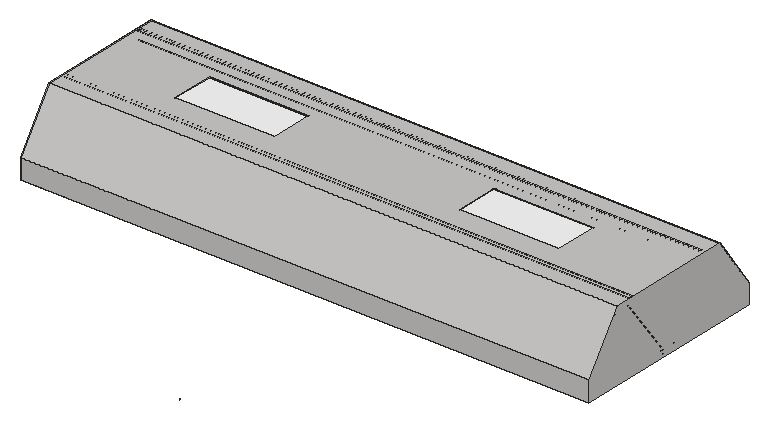
Revit family "QF_ELECTROLUXPROFESSIONAL_642352_BC1440DT", category Specialty Equipment, Revit 2014
Reference planes
  plane 1: z = 0
  plane 2 "Center (Left/Right)": x = 150
  plane 3 "LEFT": x = -1850
  plane 4 "RIGHT": x = 2150
  plane 5 "BACK": y = 550
  plane 6 "TOP": z = 2500
  plane 7 "Base": z = 2000
  plane 8: z = 1946
  plane 9: x = -1847
  plane 10 "DrainX": x = 1999
  plane 11 "AOLeft2": x = -500
  plane 12 "AORight1": x = 800
  plane 13: x = 2147
  plane 14: x = -1650
  plane 15: x = 1950
  plane 16: x = 50
  plane 17: x = 250
  plane 18 "AOLeft1": x = -1200
  plane 19 "AORight2": x = 1500
  plane 20: y = 0
  plane 21: y = -300
  plane 22 "Center (Front/Back)": y = -150
  plane 23: y = -850
  plane 24: through (0, -201.379, 2046.209) normal (0, 0.8019, 0.5974)
  plane 25: through (0, -98.621, 2046.209) normal (0, 0.8019, -0.5974)
  plane 26: z = 2140
Forms (mm)
  Extrusion 1, solid, material "QF_Finishes_Stainless Steel"
    sketch origin (-1850, 0, 360) x (0, 1, 0) y (0, 0, 1)
      loop
        line (550, 1640) -> (550, 1780) -> (299.446, 2140) -> (-599.446, 2140) -> (-850, 1780) -> (-850, 1640) -> (550, 1640)
    from 0 to 3
  Extrusion 2, solid, material "QF_Finishes_Stainless Steel"
    sketch origin (2150, 0, 360) x (0, 1, 0) y (0, 0, 1)
      loop
        line (550, 1640) -> (550, 1780) -> (299.446, 2140) -> (-599.446, 2140) -> (-850, 1780) -> (-850, 1640) -> (550, 1640)
    from 0 to -3
  Extrusion 3, solid, material "QF_Finishes_Stainless Steel"
    sketch origin (150, 0, 360) x (0, 1, 0) y (0, 0, 1)
      loop
        line (-599.446, 2140) -> (-850, 1780) -> (-850, 1640) -> (-840, 1640) -> (-840, 1640.8) -> (-849.2, 1640.8) -> (-849.2, 1779.739) -> (-599.025, 2139.19) -> (299.025, 2139.19) -> (549.2, 1779.739) -> (549.2, 1640.8) -> (540, 1640.8) -> (540, 1640) -> (550, 1640) -> (550, 1780) -> (299.446, 2140) -> (-599.446, 2140)
    from -2000 to 2000
  Extrusion 4, void
    sketch origin (0, 0, 2500) x (0, 1, 0) y (-1, 0, 0)
      loop
        line (0, 500) -> (0, 1200) -> (-300, 1200) -> (-300, 500) -> (0, 500)
    from 0 to -10
  Extrusion 5, solid, material "QF_Finishes_Stainless Steel"
    sketch origin (0, 0, 0) x (1, 0, 0) y (0, 1, 0)
      loop
        line (-1850, 550) -> (-1850, 549) -> (-1849, 549) -> (-1849, 550) -> (-1850, 550)
    from 0 to 1
  Extrusion 6, solid, material "QF_Finishes_Stainless Steel"
    sketch origin (150, -400, 360) x (0, 1, 0) y (0, 0, 1)
      loop
        line (-98.883, 2085.553) -> (198.621, 1686.209) -> (214.66, 1698.157) -> (-82.844, 2097.501) -> (-98.883, 2085.553)
      loop
        line (598.883, 2085.553) -> (582.844, 2097.501) -> (285.34, 1698.157) -> (301.379, 1686.209) -> (598.883, 2085.553)
    from -1800 to -1997
  Extrusion 7, solid, material "QF_Finishes_Stainless Steel"
    sketch origin (150, -400, 360) x (0, 1, 0) y (0, 0, 1)
      loop
        arc (316.056, 1704.554) -> (315.455, 1704.706) -> (314.923, 1704.389) r 0.81
        line (314.923, 1704.389) -> (300.465, 1684.991) -> (283.389, 1687.002) -> (286.391, 1712.615) -> (285.593, 1712.708) -> (282.594, 1687.095)
        arc (282.594, 1687.095) -> (282.763, 1686.499) -> (283.305, 1686.197) r 0.81
        line (283.305, 1686.197) -> (300.372, 1684.196)
        arc (300.372, 1684.196) -> (300.787, 1684.257) -> (301.116, 1684.517) r 0.81
        line (301.116, 1684.517) -> (315.564, 1703.911) -> (326.308, 1695.919) -> (300.145, 1660.79) -> (199.855, 1660.79) -> (173.692, 1695.919) -> (184.436, 1703.911) -> (198.884, 1684.517)
        arc (198.884, 1684.517) -> (199.213, 1684.257) -> (199.628, 1684.196) r 0.81
        line (199.628, 1684.196) -> (216.695, 1686.197)
        arc (216.695, 1686.197) -> (217.237, 1686.499) -> (217.406, 1687.095) r 0.81
        line (217.406, 1687.095) -> (214.407, 1712.708) -> (213.609, 1712.615) -> (216.611, 1687.002) -> (199.535, 1684.991) -> (185.077, 1704.389)
        arc (185.077, 1704.389) -> (184.545, 1704.706) -> (183.944, 1704.554) r 0.81
        line (183.944, 1704.554) -> (173.214, 1696.561)
        arc (173.214, 1696.561) -> (172.897, 1696.028) -> (173.049, 1695.427) r 0.81
        line (173.049, 1695.427) -> (199.157, 1660.381)
        arc (199.157, 1660.381) -> (199.5, 1660.093) -> (199.937, 1659.99) r 0.972
        line (199.937, 1659.99) -> (300.049, 1659.99)
        arc (300.049, 1659.99) -> (300.498, 1660.096) -> (300.851, 1660.393) r 1
        line (300.851, 1660.393) -> (326.951, 1695.427)
        arc (326.951, 1695.427) -> (327.103, 1696.028) -> (326.786, 1696.561) r 0.81
        line (326.786, 1696.561) -> (316.056, 1704.554)
      loop
        line (-92.735, 2139.19) -> (-92.735, 2129.205) -> (-117.587, 2110.686)
        arc (-117.587, 2110.686) -> (-117.904, 2110.153) -> (-117.752, 2109.552) r 0.81
        line (-117.752, 2109.552) -> (-84.894, 2065.446) -> (-95.625, 2057.438) -> (-95.147, 2056.796) -> (-84.418, 2064.79)
        arc (-84.418, 2064.79) -> (-84.1, 2065.322) -> (-84.252, 2065.923) r 0.81
        line (-84.252, 2065.923) -> (-117.117, 2110.038) -> (-91.935, 2128.798) -> (-91.935, 2138.4) -> (-62.776, 2138.4) -> (-62.776, 2070.563) -> (-61.976, 2069.49) -> (-61.976, 2139.19) -> (-92.735, 2139.19)
      loop
        line (592.735, 2139.19) -> (561.976, 2139.19) -> (561.976, 2069.49) -> (562.776, 2070.563) -> (562.776, 2138.4) -> (591.935, 2138.4) -> (591.935, 2128.798) -> (617.117, 2110.038) -> (584.252, 2065.923)
        arc (584.252, 2065.923) -> (584.1, 2065.322) -> (584.418, 2064.79) r 0.81
        line (584.418, 2064.79) -> (595.147, 2056.796) -> (595.625, 2057.438) -> (584.894, 2065.446) -> (617.752, 2109.552)
        arc (617.752, 2109.552) -> (617.904, 2110.153) -> (617.587, 2110.686) r 0.81
        line (617.587, 2110.686) -> (592.735, 2129.205) -> (592.735, 2139.19)
    from -1997 to 1997
  Extrusion 8, solid, material "QF_Finishes_Stainless Steel"
    sketch origin (150, -400, 360) x (0, 1, 0) y (0, 0, 1)
      loop
        line (-98.883, 2085.553) -> (198.621, 1686.209) -> (214.66, 1698.157) -> (-82.844, 2097.501) -> (-98.883, 2085.553)
      loop
        line (598.883, 2085.553) -> (582.844, 2097.501) -> (285.34, 1698.157) -> (301.379, 1686.209) -> (598.883, 2085.553)
    from 1997 to 1800
  Extrusion 9, solid, material "QF_Finishes_Stainless Steel"
    sketch origin (150, -400, 360) x (0, 1, 0) y (0, 0, 1)
      loop
        line (-98.883, 2085.553) -> (198.621, 1686.209) -> (214.66, 1698.157) -> (-82.844, 2097.501) -> (-98.883, 2085.553)
      loop
        line (598.883, 2085.553) -> (582.844, 2097.501) -> (285.34, 1698.157) -> (301.379, 1686.209) -> (598.883, 2085.553)
    from -100 to 100
  Extrusion 10, solid, material "QF_Finished_Chrome"
    sketch origin (150, -400, 360) x (0, 1, 0) y (0, 0, 1)
      loop
        line (-98.883, 2085.553) -> (198.621, 1686.209) -> (214.66, 1698.157) -> (-82.844, 2097.501) -> (-98.883, 2085.553)
      loop
        line (598.883, 2085.553) -> (582.844, 2097.501) -> (285.34, 1698.157) -> (301.379, 1686.209) -> (598.883, 2085.553)
    from -1800 to -100
  Extrusion 11, solid, material "QF_Finished_Chrome"
    sketch origin (150, -400, 360) x (0, 1, 0) y (0, 0, 1)
      loop
        line (-98.883, 2085.553) -> (198.621, 1686.209) -> (214.66, 1698.157) -> (-82.844, 2097.501) -> (-98.883, 2085.553)
      loop
        line (598.883, 2085.553) -> (582.844, 2097.501) -> (285.34, 1698.157) -> (301.379, 1686.209) -> (598.883, 2085.553)
    from 100 to 1800
  Sweep 12, solid, material "QF_Finishes_Stainless Steel"
    path origin (0, 0, 0) x (1, 0, 0) y (0, 1, 0)
      loop
        line (2150, 550) -> (-1850, 550) -> (-1850, -850) -> (2150, -850) -> (2150, 550)
    profile origin (2150, -150, 0) x (1, 0, 0) y (0, 0, 1)
      loop
        line (-3, 2000) -> (-3, 2000.8) -> (-19, 2000.8) -> (-19, 2010) -> (-20, 2010) -> (-20, 2000) -> (-3, 2000)
  Extrusion 13, void
    sketch origin (0, 0, 2500) x (0, 1, 0) y (-1, 0, 0)
      loop
        line (0, -1500) -> (0, -800) -> (-300, -800) -> (-300, -1500) -> (0, -1500)
    from 0 to -10
  Extrusion 14, solid, material "QF_Finishes_Stainless Steel"
    sketch origin (1999, 0, 0) x (0, 1, 0) y (0, 0, 1)
      loop
        arc (-118.5, 1946) -> (-111.429, 1948.929) -> (-108.5, 1956) r 10
        line (-108.5, 1956) -> (-108.5, 2000.8) -> (-191.5, 2000.8) -> (-191.5, 1956)
        arc (-191.5, 1956) -> (-188.571, 1948.929) -> (-181.5, 1946) r 10
        line (-181.5, 1946) -> (-118.5, 1946)
    from -90 to 90
  Extrusion 15, solid, material "QF_Finishes_Stainless Steel"
    sketch origin (0, -1100, 2000) x (0, 1, 0) y (-1, 0, 0)
      loop
        circle (950, -1999) r 6.35
    from -3.799 to 0
Cuts and joins
  Extrusion 4, Extrusion 13 cuts Extrusion 3
  joined: Extrusion 2, Extrusion 3, Sweep 12
Lines and regions (mm)
  symbolic lines, style "SpecialityEquipment", detail levels coarse
    curve 1: line (2150, 550, 2500) -> (-1850, 550, 2500)
    curve 2: line (-1850, 550, 2500) -> (-1850, -850, 2500)
    curve 3: line (2150, -850, 2500) -> (2150, 550, 2500)
    curve 4: line (-1850, 299.446, 0) -> (2150, -599.446, 0)
    curve 5: line (2150, 299.446, 0) -> (-1850.605, -599.446, 0)
  symbolic lines, detail levels coarse
    curve 6: line (-1200, -300, 0) -> (-500, -300, 0)
    curve 7: line (-1200, 0, 0) -> (-1200, -300, 0)
    curve 8: line (-500, 0, 0) -> (-1200, 0, 0)
    curve 9: line (-500, -300, 0) -> (-500, 0, 0)
    curve 10: line (800, 0, 0) -> (800, -300, 0)
    curve 11: line (1500, 0, 0) -> (800, 0, 0)
    curve 12: line (1500, -300, 0) -> (1500, 0, 0)
    curve 13: line (800, -300, 0) -> (1500, -300, 0)
    curve 14: line (-1850.605, -599.446, 0) -> (2150, -599.446, 0)
    curve 15: line (2150, 299.446, 0) -> (-1850, 299.446, 0)
    curve 16: line (-1850, -850, 0) -> (2150, -850, 0)
Dimensions and locks
  plane 3 "LEFT" to plane 4 "RIGHT" = 4000 mm
  equal spacing: plane 3 "LEFT", plane 2 "Center (Left/Right)", plane 4 "RIGHT"
  plane 3 "LEFT" to plane 9 = 3 mm
  plane 10 "DrainX" to plane 4 "RIGHT" = 151 mm
  plane 13 to plane 4 "RIGHT" = 3 mm
  plane 3 "LEFT" to plane 14 = 200 mm
  plane 15 to plane 4 "RIGHT" = 200 mm
  locked: plane 11 "AOLeft2" to plane 12 "AORight1" at 1300
  equal spacing: plane 11 "AOLeft2", plane 2 "Center (Left/Right)", plane 12 "AORight1"
  locked: plane 7 "Base" to level at 2000
  locked: plane 16 to plane 17 at 200
  equal spacing: plane 16, plane 2 "Center (Left/Right)", plane 17
  plane 18 "AOLeft1" to plane 11 "AOLeft2" = 700 mm
  plane 12 "AORight1" to plane 19 "AORight2" = 700 mm
  plane 7 "Base" to plane 8 = 54 mm
  locked: plane 6 "TOP" to plane 7 "Base" at 500
  plane 5 "BACK" to plane 23 = 1400 mm  (x2)
  equal spacing: plane 5 "BACK", plane 22 "Center (Front/Back)", plane 23
  plane 21 to plane 20 = 300 mm
  equal spacing: plane 21, plane 22 "Center (Front/Back)", plane 20
  plane 26 to plane 7 "Base" = 140 mm
  aligned and locked: level to plane 1
  aligned and locked: plane 4 "RIGHT" to Extrusion 3
  aligned and locked: Extrusion 3 to plane 3 "LEFT"
  aligned and locked: Extrusion 6 to plane 9
  aligned and locked: plane 14 to Extrusion 6
  aligned and locked: Extrusion 2 to plane 13
  aligned and locked: plane 13 to Extrusion 8
  aligned and locked: Extrusion 8 to plane 15
  aligned and locked: plane 17 to Extrusion 9
  aligned and locked: Extrusion 9 to plane 16
  aligned and locked: plane 16 to Extrusion 10
  aligned and locked: Extrusion 10 to plane 14
  aligned and locked: Extrusion 11 to plane 17
  aligned and locked: Extrusion 11 to plane 15
  aligned and locked: Extrusion 7 to plane 9
  aligned and locked: plane 13 to Extrusion 7
  aligned and locked: Extrusion 4 to plane 18 "AOLeft1"
  aligned and locked: Extrusion 4 to plane 11 "AOLeft2"
  aligned and locked: plane 12 "AORight1" to Extrusion 13
  aligned and locked: plane 19 "AORight2" to Extrusion 13
  aligned and locked: plane 21 to Extrusion 13
  aligned and locked: plane 21 to Extrusion 4
  aligned and locked: plane 20 to Extrusion 13
  aligned and locked: plane 20 to Extrusion 4
  aligned and locked: curve 6 to Extrusion 4
  aligned and locked: curve 7 to Extrusion 4
  aligned and locked: curve 8 to Extrusion 4
  aligned and locked: curve 9 to Extrusion 4
  aligned and locked: curve 10 to Extrusion 13
  aligned and locked: curve 11 to Extrusion 13
  aligned and locked: curve 12 to Extrusion 13
  aligned and locked: curve 13 to Extrusion 13
Automatic sketch dimensions
  Extrusion 4 sketch curve to plane 11 "AOLeft2" = 0 mm
  Extrusion 4 sketch curve to plane 18 "AOLeft1" = 0 mm
  Extrusion 5 sketch curve to plane 3 "LEFT" = 0 mm
  Extrusion 5 sketch curve to plane 5 "BACK" = 0 mm
  plane 3 "LEFT" to Extrusion 5 sketch curve = 1 mm
  Extrusion 5 sketch curve to Extrusion 5 sketch curve = 1 mm
  Sweep 12 sketch curve to plane 3 "LEFT" = 0 mm
  Sweep 12 sketch curve to plane 4 "RIGHT" = 0 mm
  Sweep 12 sketch curve to plane 5 "BACK" = 0 mm
  profile plane to Sweep 12 sketch curve = 20 mm
  Sweep 12 sketch curve to Sweep 12 sketch curve = 1 mm
  profile plane to Sweep 12 sketch curve = 3 mm
  level to Sweep 12 sketch curve = 2000 mm
  Sweep 12 sketch curve to Sweep 12 sketch curve = 0.8 mm
  Sweep 12 sketch curve to Sweep 12 sketch curve = 9.2 mm
  Extrusion 13 sketch curve to plane 11 "AOLeft2" = 2000 mm
  plane 18 "AOLeft1" to Extrusion 13 sketch curve = 2000 mm
  Extrusion 13 sketch curve to Extrusion 13 sketch curve = 300 mm
  Extrusion 13 sketch curve to plane 20 = 0 mm
  plane 21 to Sweep 12 sketch curve = 550 mm
  plane 21 to Extrusion 4 sketch curve = 0 mm
  Extrusion 4 sketch curve to plane 20 = 0 mm
  Extrusion 15 sketch curve to plane 10 "DrainX" = 0 mm
  Extrusion 15 sketch curve to plane 22 "Center (Front/Back)" = 0 mm
  Extrusion 14 sketch curve to plane 8 = 0 mm
  plane 8 to Extrusion 14 sketch curve = 10 mm
  Extrusion 14 sketch curve to plane 22 "Center (Front/Back)" = 41.5 mm
  plane 22 "Center (Front/Back)" to Extrusion 14 sketch curve = 31.5 mm
  plane 7 "Base" to Extrusion 14 sketch curve = 0.8 mm
  plane 22 "Center (Front/Back)" to Extrusion 14 sketch curve = 41.5 mm
  plane 21 to Extrusion 6 sketch curve = 198.883 mm
  Extrusion 6 sketch curve to plane 6 "TOP" = 42.499 mm  (x2)
  Extrusion 6 sketch curve to Extrusion 6 sketch curve = 16.039 mm  (x2)
  Extrusion 6 sketch curve to plane 22 "Center (Front/Back)" = 51.379 mm
  plane 22 "Center (Front/Back)" to Extrusion 6 sketch curve = 35.34 mm
  plane 20 to Extrusion 6 sketch curve = 182.844 mm
  Extrusion 6 sketch curve to Extrusion 6 sketch curve = 11.948 mm  (x2)
  Extrusion 7 sketch curve to plane 6 "TOP" = 30.448 mm  (x2)
  plane 21 to Extrusion 7 sketch curve = 217.752 mm
  Extrusion 7 sketch curve to plane 6 "TOP" = 29.314 mm  (x2)
  Extrusion 7 sketch curve to Extrusion 7 sketch curve = 0.166 mm  (x3)
  Extrusion 7 sketch curve to plane 6 "TOP" = 29.962 mm  (x2)
  Extrusion 7 sketch curve to Extrusion 7 sketch curve = 0.47 mm  (x2)
  Extrusion 7 sketch curve to Extrusion 7 sketch curve = 0.014 mm  (x2)
  Extrusion 7 sketch curve to plane 6 "TOP" = 82.562 mm  (x2)
  Extrusion 7 sketch curve to Extrusion 7 sketch curve = 22.127 mm
  Extrusion 7 sketch curve to plane 6 "TOP" = 83.204 mm  (x2)
  Extrusion 7 sketch curve to Extrusion 7 sketch curve = 0.478 mm  (x5)
  Extrusion 7 sketch curve to plane 6 "TOP" = 0.81 mm  (x2)
  Extrusion 7 sketch curve to Extrusion 7 sketch curve = 24.852 mm
  Extrusion 7 sketch curve to Extrusion 7 sketch curve = 0.8 mm  (x5)
  Extrusion 7 sketch curve to Extrusion 7 sketch curve = 10.724 mm
  Extrusion 7 sketch curve to plane 6 "TOP" = 74.554 mm  (x2)
  Extrusion 7 sketch curve to Extrusion 7 sketch curve = 0.008 mm  (x6)
  Extrusion 7 sketch curve to plane 6 "TOP" = 75.21 mm  (x2)
  Extrusion 7 sketch curve to plane 6 "TOP" = 74.077 mm  (x2)
  Extrusion 7 sketch curve to Extrusion 7 sketch curve = 0.642 mm  (x2)
  Extrusion 7 sketch curve to plane 6 "TOP" = 69.437 mm  (x2)
  Extrusion 7 sketch curve to Extrusion 7 sketch curve = 21.476 mm  (x2)
  Extrusion 7 sketch curve to plane 21 = 73.049 mm
  Extrusion 7 sketch curve to Extrusion 7 sketch curve = 0.006 mm  (x4)
  Extrusion 7 sketch curve to Extrusion 7 sketch curve = 10.73 mm  (x3)
  Extrusion 7 sketch curve to Extrusion 7 sketch curve = 0.484 mm  (x4)
  Extrusion 7 sketch curve to Extrusion 7 sketch curve = 0.641 mm  (x2)
  Extrusion 7 sketch curve to Extrusion 7 sketch curve = 14.448 mm
  plane 7 "Base" to Extrusion 7 sketch curve = 20.381 mm
  Extrusion 7 sketch curve to Extrusion 7 sketch curve = 0.273 mm
  Extrusion 7 sketch curve to Extrusion 7 sketch curve = 0.65 mm  (x2)
  Extrusion 7 sketch curve to Extrusion 7 sketch curve = 0.001 mm  (x4)
  Extrusion 7 sketch curve to Extrusion 7 sketch curve = 0.093 mm  (x2)
  plane 7 "Base" to Extrusion 7 sketch curve = 20.79 mm
  Extrusion 7 sketch curve to Extrusion 7 sketch curve = 0.698 mm
  Extrusion 7 sketch curve to Extrusion 7 sketch curve = 0.081 mm
  Extrusion 7 sketch curve to Extrusion 7 sketch curve = 28.531 mm
  Extrusion 7 sketch curve to Extrusion 7 sketch curve = 0.799 mm  (x2)
  Extrusion 7 sketch curve to Extrusion 7 sketch curve = 17.067 mm  (x2)
  Extrusion 7 sketch curve to Extrusion 7 sketch curve = 0.01 mm  (x4)
  Extrusion 7 sketch curve to Extrusion 7 sketch curve = 0.094 mm
  Extrusion 7 sketch curve to Extrusion 7 sketch curve = 0.795 mm  (x2)
  plane 22 "Center (Front/Back)" to Extrusion 7 sketch curve = 32.594 mm
  Extrusion 7 sketch curve to Extrusion 7 sketch curve = 0.71 mm
  Extrusion 7 sketch curve to Extrusion 7 sketch curve = 2.998 mm
  Extrusion 7 sketch curve to Extrusion 7 sketch curve = 16.745 mm
  Extrusion 7 sketch curve to Extrusion 7 sketch curve = 0.095 mm
  plane 7 "Base" to Extrusion 7 sketch curve = 20.393 mm
  Extrusion 7 sketch curve to Extrusion 7 sketch curve = 0.707 mm
  Extrusion 7 sketch curve to Extrusion 7 sketch curve = 0.651 mm
  Extrusion 7 sketch curve to Extrusion 7 sketch curve = 14.456 mm
  Extrusion 7 sketch curve to plane 6 "TOP" = 70.51 mm  (x2)
  plane 20 to Extrusion 7 sketch curve = 161.976 mm
  Extrusion 7 sketch curve to plane 6 "TOP" = 1.6 mm
  Extrusion 7 sketch curve to Extrusion 7 sketch curve = 29.159 mm
  Extrusion 7 sketch curve to Extrusion 7 sketch curve = 24.368 mm
  Extrusion 7 sketch curve to Extrusion 7 sketch curve = 0.636 mm
  Extrusion 7 sketch curve to Extrusion 7 sketch curve = 23.206 mm
  Extrusion 7 sketch curve to Extrusion 7 sketch curve = 23.234 mm
  Extrusion 7 sketch curve to Extrusion 7 sketch curve = 0.321 mm  (x2)
  Extrusion 7 sketch curve to Extrusion 7 sketch curve = 2.001 mm  (x2)
  Extrusion 7 sketch curve to Extrusion 7 sketch curve = 0.804 mm  (x2)
  Extrusion 7 sketch curve to Extrusion 7 sketch curve = 10.911 mm  (x2)
  Extrusion 7 sketch curve to Extrusion 7 sketch curve = 7.993 mm  (x2)
  Extrusion 7 sketch curve to Extrusion 7 sketch curve = 25.613 mm  (x2)
  Extrusion 7 sketch curve to Extrusion 7 sketch curve = 0.407 mm  (x2)
  Extrusion 7 sketch curve to Extrusion 7 sketch curve = 0.79 mm
  Extrusion 3 sketch curve to plane 7 "Base" = 0 mm  (x2)
  Extrusion 3 sketch curve to plane 23 = 0 mm
  Extrusion 3 sketch curve to plane 5 "BACK" = 0 mm
  plane 23 to Extrusion 3 sketch curve = 0.8 mm
  plane 7 "Base" to Extrusion 3 sketch curve = 0.8 mm  (x2)
  Extrusion 3 sketch curve to Extrusion 3 sketch curve = 9.2 mm
  plane 23 to Extrusion 3 sketch curve = 250.554 mm
  Extrusion 3 sketch curve to Extrusion 3 sketch curve = 0.421 mm  (x2)
  Extrusion 3 sketch curve to plane 6 "TOP" = 0.81 mm
  Extrusion 3 sketch curve to plane 5 "BACK" = 250.975 mm
  Extrusion 3 sketch curve to plane 5 "BACK" = 10 mm
  Extrusion 3 sketch curve to plane 5 "BACK" = 0.8 mm
  Extrusion 3 sketch curve to Extrusion 3 sketch curve = 138.939 mm  (x2)
  Extrusion 3 sketch curve to Extrusion 3 sketch curve = 0.261 mm  (x2)
  Extrusion 3 sketch curve to plane 6 "TOP" = 0 mm
  Extrusion 1 sketch curve to plane 7 "Base" = 0 mm
  Extrusion 1 sketch curve to plane 23 = 0 mm
  Extrusion 1 sketch curve to plane 6 "TOP" = 0 mm
  Extrusion 1 sketch curve to plane 5 "BACK" = 0 mm
  Extrusion 1 sketch curve to plane 5 "BACK" = 250.554 mm
  plane 7 "Base" to Extrusion 1 sketch curve = 140 mm
  Extrusion 1 sketch curve to Extrusion 1 sketch curve = 140 mm
  plane 23 to Extrusion 1 sketch curve = 250.554 mm
  plane 21 to Extrusion 10 sketch curve = 198.883 mm
  Extrusion 10 sketch curve to plane 6 "TOP" = 42.499 mm  (x2)
  Extrusion 10 sketch curve to Extrusion 10 sketch curve = 16.039 mm  (x2)
  Extrusion 10 sketch curve to plane 22 "Center (Front/Back)" = 51.379 mm
  plane 22 "Center (Front/Back)" to Extrusion 10 sketch curve = 35.34 mm
  plane 20 to Extrusion 10 sketch curve = 182.844 mm
  Extrusion 10 sketch curve to Extrusion 10 sketch curve = 11.948 mm  (x2)
  plane 21 to Extrusion 9 sketch curve = 198.883 mm
  Extrusion 9 sketch curve to plane 6 "TOP" = 42.499 mm  (x2)
  Extrusion 9 sketch curve to Extrusion 9 sketch curve = 16.039 mm  (x2)
  Extrusion 9 sketch curve to plane 22 "Center (Front/Back)" = 51.379 mm
  plane 22 "Center (Front/Back)" to Extrusion 9 sketch curve = 35.34 mm
  plane 20 to Extrusion 9 sketch curve = 182.844 mm
  Extrusion 9 sketch curve to Extrusion 9 sketch curve = 11.948 mm  (x2)
  plane 21 to Extrusion 11 sketch curve = 198.883 mm
  Extrusion 11 sketch curve to plane 6 "TOP" = 42.499 mm  (x2)
  Extrusion 11 sketch curve to Extrusion 11 sketch curve = 16.039 mm  (x2)
  Extrusion 11 sketch curve to plane 22 "Center (Front/Back)" = 51.379 mm
  plane 22 "Center (Front/Back)" to Extrusion 11 sketch curve = 35.34 mm
  plane 20 to Extrusion 11 sketch curve = 182.844 mm
  Extrusion 11 sketch curve to Extrusion 11 sketch curve = 11.948 mm  (x2)
  plane 21 to Extrusion 8 sketch curve = 198.883 mm
  Extrusion 8 sketch curve to plane 6 "TOP" = 42.499 mm  (x2)
  Extrusion 8 sketch curve to Extrusion 8 sketch curve = 16.039 mm  (x2)
  Extrusion 8 sketch curve to plane 22 "Center (Front/Back)" = 51.379 mm
  plane 22 "Center (Front/Back)" to Extrusion 8 sketch curve = 35.34 mm
  plane 20 to Extrusion 8 sketch curve = 182.844 mm
  Extrusion 8 sketch curve to Extrusion 8 sketch curve = 11.948 mm  (x2)
  Extrusion 2 sketch curve to plane 7 "Base" = 0 mm
  Extrusion 2 sketch curve to plane 23 = 0 mm
  Extrusion 2 sketch curve to plane 6 "TOP" = 0 mm
  Extrusion 2 sketch curve to plane 5 "BACK" = 0 mm
  Extrusion 2 sketch curve to plane 26 = 0 mm  (x2)
  Extrusion 2 sketch curve to plane 5 "BACK" = 250.554 mm
  plane 23 to Extrusion 2 sketch curve = 250.554 mm
  curve 2 to plane 3 "LEFT" = 0 mm
  curve 2 to plane 23 = 0 mm
  curve 3 to plane 4 "RIGHT" = 0 mm
  curve 3 to plane 23 = 0 mm
  curve 2 to plane 5 "BACK" = 0 mm
  curve 15 to plane 3 "LEFT" = 0 mm
  curve 16 to plane 3 "LEFT" = 0 mm
  curve 14 to plane 4 "RIGHT" = 0 mm
  curve 15 to plane 4 "RIGHT" = 0 mm
  curve 16 to plane 4 "RIGHT" = 0 mm
  curve 16 to plane 23 = 0 mm
  curve 14 to plane 3 "LEFT" = 0.605 mm
  plane 23 to curve 4 = 250.554 mm
  curve 15 to plane 5 "BACK" = 250.554 mm
  radius of Extrusion 15 sketch curve = 6.35 mm
Connectors
  hvac at (-850, -150, 2500)
    settings: on Extrusion 4, index 2, duct flow 0.0 L/s, flow factor 0, pres drop 0.0 Pa, loss coef 0, conn angle 0.00°, conn width 300 mm, conn height 700 mm, conn diameter 609.6 mm, duct sys type 3, conn prof type 1, flow config 1, flow direction 2, loss method 0, conn ref index -1, conn util no, is conn primary yes, conn desc "EXHAUST OUTLET"
  hvac at (1150, -150, 2500)
    settings: on Extrusion 13, index 3, duct flow 0.0 L/s, flow factor 0, pres drop 0.0 Pa, loss coef 0, conn angle 0.00°, conn width 300 mm, conn height 700 mm, conn diameter 609.6 mm, duct sys type 3, conn prof type 1, flow config 1, flow direction 2, loss method 0, conn ref index -1, conn util no, is conn primary no, conn desc "EXHAUST OUTLET"
  piping at (1999, -150, 1996.201), diameter 12.7
    settings: on Extrusion 15, index 4, connector inside diameter 609.6 mm, connector length 0 mm, flow factor 0, pipe flow 0.0 L/s, pressure drop 0.0 Pa, fitting loss kfactor 0, connector angle 0.00°, fixture units 0, engagement length 0 mm, angle of deflection 0.00°, flow configuration 1, flow direction 2, fitting loss method 0, system type 16, joint type 0, gender type 0, connector reference index -1, connector utility 0, adjustable connector no, is connector primary yes, connector description "Drain"
